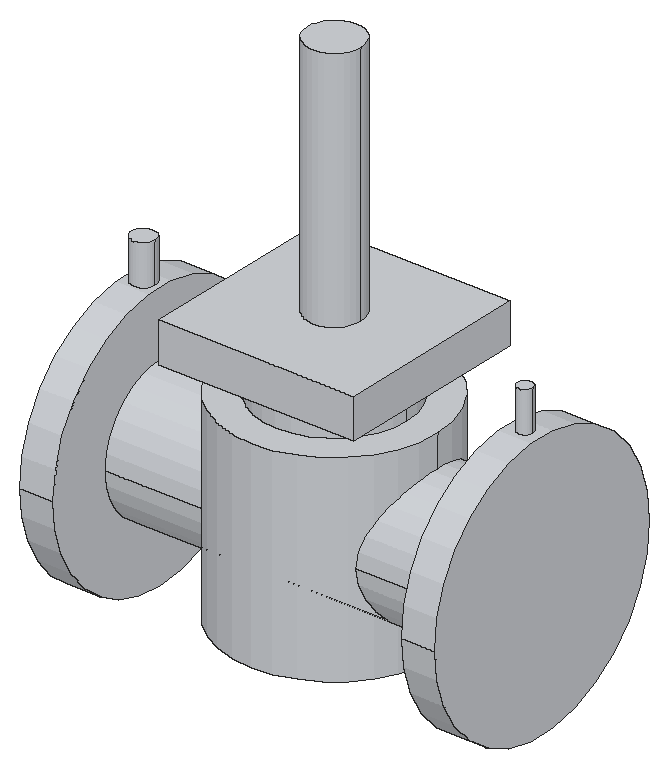
Revit family "OPTIMA_Compact_FLANGE_PN16_DN080-LF_RFA_2018", category Pipe Accessories, Revit 2018
Family settings
  Round Connector Dimension = Use Diameter
  Part Type = Valve - Breaks Into
  Work Plane-Based = No
  Always vertical = Yes
  Cut with Voids When Loaded = No
  Shared = No
Parameters (values of type "Optima Compact Flange PN16 DN080 LF")
  magiProductId = "Frese Optima Flange DN080 LF"
  magiProductFamilyId = "Frese Optima Flange *"
  magiPartTypeId = 304
  isMeasuringValve [instance] = no
  ang2D [instance] = 0.00°
  W2D = 50 mm
  VersionID = "2.0/2018.8.28.1/FRESE_OPTIMA_FLANGE_Q13_002"
  Use Minimum Symbol Size [instance] = yes
  URL = "www.hydronix.cz"
  Type Comments = "Přírubový; PN16; 0~120°C, s měřením"
  R4 = 54.25 mm
  R3 = 52 mm
  R1 = 77.5 mm
  QmdConnectorList = "301;D;302;D"
  Productdata [instance] = ""
  Manufacturer = "Hydronix"
  MC Product Code = "53-1202 (DN80 LF; 20mm; pohon min 1000N; Qmin-dpmin 5300l/h-16.0kPa; Qmax-dpmin 34000l/h-25.0kPa; dpmax 800kPa)"
  MC Piping Given Pressure Drop [instance] = 0.0 Pa
  LF__ve = -LF  # -24.8 mm
  LF2 = 12.4 mm
  LF = 24.8 mm
  L4 = 145.7 mm
  L3 = 260.4 mm
  L2D_Min = 3048 mm
  L2D = 230 mm
  L2 = 155 mm
  H6 = 183 mm
  H4 = 30 mm
  H3 = 25 mm
  H2 = 75 mm
  H1 = 150 mm
  Description = "Tlakově nezávislý 2-cestný regulační vyvažovací ventil (PICV)"
  DF2 = 100 mm
  D = 80 mm
  CAT0 = yes
Types (14, lengths in mm): name | magiProductId | magiProductFamilyId | W2D | Type Comments | R4 | R3 | R1 | MC Product Code | LF__ve | LF2 | LF | L4 | L3 | L2D | L2 | H6 | H4 | H3 | H2 | H1 | DF2 | D
  Optima Compact Flange PN16 DN050 LF | "Frese Optima Flange DN050 LF" | "Frese Optima Flange *" | 50 | "Přírubový; PN16; 0~120°C, s měřením" | 40.3 | 42.9 | 57.5 | "53-1200 (DN50 LF; 20mm; pohon min 1000N; Qmin-dpmin 2500l/h-6.5kPa; Qmax-dpmin 15000l/h-20.0kPa; dpmax 800kPa)" | -18.4 | 9.2 | 18.4 | 108.1 | 193.2 | 230 | 115 | 157.3 | 24.8 | 20.6 | 61.9 | 123.8 | 82.5 | 50
  Optima Compact Flange PN16 DN050 HF | "Frese Optima Flange DN050 HF" | "Frese Optima Flange *" | 50 | "Přírubový; PN16; 0~120°C, s měřením" | 40.25 | 42.9 | 57.5 | "53-1210 (DN50 HF; 20mm; pohon min 1000N; Qmin-dpmin 3900l/h-19.0kPa; Qmax-dpmin 24000l/h-50.0kPa; dpmax 800kPa)" | -18.4 | 9.2 | 18.4 | 108.1 | 193.2 | 230 | 115 | 157.25 | 24.75 | 20.625 | 61.875 | 123.75 | 82.5 | 50
  Optima Compact Flange PN16 DN065 LF | "Frese Optima Flange DN065 LF" | "Frese Optima Flange *" | 50 | "Přírubový; PN16; 0~120°C, s měřením" | 50.75 | 48.1 | 72.5 | "53-1201 (DN65 LF; 20mm; pohon min 1000N; Qmin-dpmin 4400l/h-15.0kPa; Qmax-dpmin 25000l/h-25.0kPa; dpmax 800kPa)" | -23.2 | 11.6 | 23.2 | 136.3 | 243.6 | 230 | 145 | 171.25 | 27.75 | 23.125 | 69.375 | 138.75 | 92.5 | 65
  Optima Compact Flange PN16 DN065 HF | "Frese Optima Flange DN065 HF" | "Frese Optima Flange *" | 50 | "Přírubový; PN16; 0~120°C, s měřením" | 50.75 | 48.1 | 72.5 | "53-1211 (DN65 HF; 20mm; pohon min 1000N; Qmin-dpmin 6000l/h-30.0kPa; Qmax-dpmin 35000l/h-55.0kPa; dpmax 800kPa)" | -23.2 | 11.6 | 23.2 | 136.3 | 243.6 | 230 | 145 | 171.25 | 27.75 | 23.125 | 69.375 | 138.75 | 92.5 | 65
  Optima Compact Flange PN16 DN080 LF | "Frese Optima Flange DN080 LF" | "Frese Optima Flange *" | 50 | "Přírubový; PN16; 0~120°C, s měřením" | 54.25 | 52 | 77.5 | "53-1202 (DN80 LF; 20mm; pohon min 1000N; Qmin-dpmin 5300l/h-16.0kPa; Qmax-dpmin 34000l/h-25.0kPa; dpmax 800kPa)" | -24.8 | 12.4 | 24.8 | 145.7 | 260.4 | 230 | 155 | 183 | 30 | 25 | 75 | 150 | 100 | 80
  Optima Compact Flange PN16 DN080 HF | "Frese Optima Flange DN080 HF" | "Frese Optima Flange *" | 50 | "Přírubový; PN16; 0~120°C, s měřením" | 54.25 | 52 | 77.5 | "53-1212 (DN80 HF; 20mm; pohon min 1000N; Qmin-dpmin 7000l/h-23.0kPa; Qmax-dpmin 43000l/h-50.0kPa; dpmax 800kPa)" | -24.8 | 12.4 | 24.8 | 145.7 | 260.4 | 230 | 155 | 183 | 30 | 25 | 75 | 150 | 100 | 80
  Optima Compact Flange PN16 DN100 LF | "Frese Optima Flange DN100 LF" | "Frese Optima Flange *" | 50 | "Přírubový; PN16; 0~120°C, s měřením" | 61.25 | 61.1 | 87.5 | "53-1203 (DN100 LF; 40mm; pohon min 1000N; Qmin-dpmin 12100l/h-20.0kPa; Qmax-dpmin 68000l/h-35.0kPa; dpmax 800kPa)" | -28 | 14 | 28 | 164.5 | 294 | 230 | 175 | 268.75 | 35.25 | 29.375 | 88.125 | 176.25 | 117.5 | 100
  Optima Compact Flange PN16 DN100 HF | "Frese Optima Flange DN100 HF" | "Frese Optima Flange *" | 50 | "Přírubový; PN16; 0~120°C, s měřením" | 61.25 | 61.1 | 87.5 | "53-1213 (DN100 HF; 40mm; pohon min 1000N; Qmin-dpmin 14800l/h-30.0kPa; Qmax-dpmin 90000l/h-75.0kPa; dpmax 800kPa)" | -28 | 14 | 28 | 164.5 | 294 | 230 | 175 | 268.75 | 35.25 | 29.375 | 88.125 | 176.25 | 117.5 | 100
  Optima Compact Flange PN16 DN125 LF | "Frese Optima Flange DN125 LF" | "Frese Optima Flange *" | 50 | "Přírubový; PN16; 0~120°C, s měřením" | 70 | 70.2 | 100 | "53-1204 (DN125 LF; 40mm; pohon min 1000N; Qmin-dpmin 18500l/h-16.0kPa; Qmax-dpmin 110000l/h-35.0kPa; dpmax 800kPa)" | -32 | 16 | 32 | 188 | 336 | 230 | 200 | 275.5 | 40.5 | 33.75 | 101.25 | 202.5 | 135 | 125
  Optima Compact Flange PN16 DN125 HF | "Frese Optima Flange DN125 HF" | "Frese Optima Flange *" | 50 | "Přírubový; PN16; 0~120°C, s měřením" | 70 | 70.2 | 100 | "53-1214 (DN125 HF; 40mm; pohon min 1000N; Qmin-dpmin 23000l/h-27.0kPa; Qmax-dpmin 135000l/h-53.0kPa; dpmax 800kPa)" | -32 | 16 | 32 | 188 | 336 | 230 | 200 | 275.5 | 40.5 | 33.75 | 101.25 | 202.5 | 135 | 125
  Optima Compact Flange PN16 DN150 LF | "Frese Optima Flange DN150 LF" | "Frese Optima Flange *" | 50 | "Přírubový; PN16; 0~110°C, s měřením" | 84 | 74.1 | 120 | "53-1205 (DN150 LF; 43mm; pohon min 1500N; Qmin-dpmin 25600l/h-21.0kPa; Qmax-dpmin 148000l/h-35.0kPa; dpmax 800kPa)" | -38.4 | 19.2 | 38.4 | 225.6 | 403.2 | 230 | 240 | 279.25 | 42.75 | 35.625 | 106.875 | 213.75 | 142.5 | 150
  Optima Compact Flange PN16 DN150 HF | "Frese Optima Flange DN150 HF" | "Frese Optima Flange *" | 50 | "Přírubový; PN16; 0~110°C, s měřením" | 84 | 74.1 | 120 | "53-1215 (DN150 HF; 43mm; pohon min 1500N; Qmin-dpmin 32000l/h-33.0kPa; Qmax-dpmin 195000l/h-65.0kPa; dpmax 800kPa)" | -38.4 | 19.2 | 38.4 | 225.6 | 403.2 | 230 | 240 | 279.25 | 42.75 | 35.625 | 106.875 | 213.75 | 142.5 | 150
  Optima Compact Flange PN16 DN200 LF | "" | "" | 100 | "Přírubový; PN16; 0~110°C, s měřením" | 164.5 | 98.8 | 235 | "53-1206 (DN200 LF; 43mm; pohon min 1500N; Qmin-dpmin 95000l/h-11.0kPa; Qmax-dpmin 210000l/h-32.0kPa; dpmax 800kPa)" | -48 | 24 | 48 | 282 | 504 | 350 | 300 | 281 | 57 | 15 | 209 | 380 | 190 | 200
  Optima Compact Flange PN16 DN200 HF | "" | "" | 100 | "Přírubový; PN16; 0~110°C, s měřením" | 164.5 | 98.8 | 235 | "53-1216 (DN200 HF; 43mm; pohon min 1500N; Qmin-dpmin 130000l/h-31.0kPa; Qmax-dpmin 280000l/h-78.0kPa; dpmax 800kPa)" | -48 | 24 | 48 | 282 | 504 | 350 | 300 | 281 | 57 | 15 | 209 | 380 | 190 | 200
Reference planes
  plane 1 "Center (Front/Back)": y = 0
  plane 2 "XYPLANE": z = 0
  plane 3 "Center (Left/Right)": x = 0
  plane 4 "157": x = 142.6
  plane 5 "156": x = -142.6
  plane 6 "155": z = 100
  plane 7 "154": z = 130
  plane 8 "153": z = 100
  plane 9 "152": z = 75
  plane 10 "151": x = -130.2
  plane 11 "150": z = -75
  plane 12 "149": x = 0
  plane 13 "148": y = 0
  plane 14 "147": z = 0
  plane 15 "146": x = -155
  plane 16 "145": x = 155
Forms (mm)
  Extrusion 1, solid, visible <- "CAT0"
    sketch origin (-750, 0, 100) x (1, 0, 0) y (0, 1, 0)
      loop
        circle (892.6, 0) r 5.5
    from 0 to 30
  Extrusion 2, solid, visible <- "CAT0"
    sketch origin (-750, 0, 100) x (1, 0, 0) y (0, 1, 0)
      loop
        circle (607.4, 0) r 8.7
    from 0 to 30
  Extrusion 3, solid, visible <- "CAT0"
    sketch origin (-750, 0, 130) x (1, 0, 0) y (0, 1, 0)
      loop
        circle (750, 0) r 20
    from 0 to 183 <- "H6"
  Extrusion 4, solid, visible <- "CAT0"
    sketch origin (-750, 0, 100) x (1, 0, 0) y (0, 1, 0)
      loop
        line (822.85, 72.85) -> (677.15, 72.85) -> (677.15, -72.85) -> (822.85, -72.85) -> (822.85, 72.85)
    from 0 to 30 <- "H4"
  Extrusion 5, solid, visible <- "CAT0"
    sketch origin (-750, 0, 75) x (1, 0, 0) y (0, 1, 0)
      loop
        circle (750, 0) r 54.25
    from 0 to 25 <- "H3"
  Extrusion 6, solid, visible <- "CAT0"
    sketch origin (-130.2, -750, 0) x (0, 1, 0) y (0, 0, 1)
      loop
        circle (750, 0) r 52
    from 0 to 260.4 <- "L3"
  Extrusion 7, solid, visible <- "CAT0"
    sketch origin (-750, 0, -75) x (1, 0, 0) y (0, 1, 0)
      loop
        circle (750, 0) r 77.5
    from 0 to 150 <- "H1"
  Extrusion 8, solid, visible <- "CAT0"
    sketch origin (-155, -750, 0) x (0, 1, 0) y (0, 0, 1)
      loop
        circle (750, 0) r 100
    from 0 to 24.8 <- "LF"
  Extrusion 9, solid, visible <- "CAT0"
    sketch origin (155, -750, 0) x (0, 1, 0) y (0, 0, 1)
      loop
        circle (750, 0) r 100
    from 0 to -24.8 <- "LF__ve"
  Extrusion 10, solid, not visible
    sketch origin (-155, -750, 0) x (0, 1, 0) y (0, 0, 1)
      loop
        circle (750, 0) r 10
    from 0 to 10
  Extrusion 11, solid, not visible
    sketch origin (155, -750, 0) x (0, 1, 0) y (0, 0, 1)
      loop
        circle (750, 0) r 10
    from 0 to -10
Lines and regions (mm)
  reference lines, not visible
    curve 1: circle (2, 2, 0) r 1 normal (0, 0, 1)
  reference lines
    curve 2: circle (0, 0, 100) r 1 normal (0, 0, 1)
Dimensions and locks
  plane 1 "Center (Front/Back)" to curve 1 = 2 mm
  "LF2": plane 16 "145" to plane 4 "157"
  "LF2": plane 15 "146" to plane 5 "156"
  "DF2": plane 2 "XYPLANE" to plane 6 "155"
  "H4": plane 8 "153" to plane 7 "154"
  "H3": plane 9 "152" to plane 8 "153"
  "H1": plane 11 "150" to plane 9 "152"
  "LF": plane 15 "146" to plane 10 "151"
  "H2": plane 2 "XYPLANE" to plane 11 "150"
  locked: plane 3 "Center (Left/Right)" to plane 12 "149"
  locked: plane 1 "Center (Front/Back)" to plane 13 "148"
  locked: plane 2 "XYPLANE" to plane 14 "147"
  "L2": plane 3 "Center (Left/Right)" to plane 15 "146"
  "L2": plane 3 "Center (Left/Right)" to plane 16 "145"
  equal spacing: Extrusion 4 sketch curve, curve 2, Extrusion 4 sketch curve  (x2)
  "L4": Extrusion 4 sketch curve to Extrusion 4 sketch curve  (x2)
  Extrusion 4 sketch curve to Extrusion 4 sketch curve = 0 mm  (x8)
  "R4": radius of Extrusion 5 sketch curve
  "R3": radius of Extrusion 6 sketch curve
  "R1": radius of Extrusion 7 sketch curve
  "DF2": radius of Extrusion 8 sketch curve
  "DF2": radius of Extrusion 9 sketch curve
  aligned and locked: level to plane 2 "XYPLANE"
  aligned and locked: plane 4 "157" to Extrusion 1 sketch curve
  aligned and locked: plane 13 "148" to Extrusion 1 sketch curve
  aligned and locked: plane 5 "156" to Extrusion 2 sketch curve
  aligned and locked: plane 13 "148" to Extrusion 2 sketch curve
  aligned and locked: plane 12 "149" to Extrusion 3 sketch curve
  aligned and locked: plane 13 "148" to Extrusion 3 sketch curve
  aligned and locked: plane 12 "149" to curve 2
  aligned and locked: plane 13 "148" to curve 2
  aligned and locked: plane 12 "149" to Extrusion 5 sketch curve
  aligned and locked: plane 13 "148" to Extrusion 5 sketch curve
  aligned and locked: Extrusion 6 sketch curve to plane 13 "148"
  aligned and locked: plane 14 "147" to Extrusion 6 sketch curve
  aligned and locked: plane 12 "149" to Extrusion 7 sketch curve
  aligned and locked: plane 13 "148" to Extrusion 7 sketch curve
  aligned and locked: Extrusion 8 sketch curve to plane 13 "148"
  aligned and locked: plane 14 "147" to Extrusion 8 sketch curve
  aligned and locked: Extrusion 9 sketch curve to plane 13 "148"
  aligned and locked: plane 14 "147" to Extrusion 9 sketch curve
  aligned and locked: Extrusion 10 sketch curve to plane 13 "148"
  aligned and locked: plane 14 "147" to Extrusion 10 sketch curve
  aligned and locked: Extrusion 11 sketch curve to plane 13 "148"
  aligned and locked: plane 14 "147" to Extrusion 11 sketch curve
Automatic sketch dimensions
  Extrusion 1 sketch curve to plane 4 "157" = 5.5 mm
  plane 15 "146" to Extrusion 2 sketch curve = 3.7 mm
  Extrusion 3 sketch curve to plane 3 "Center (Left/Right)" = 20 mm
  plane 1 "Center (Front/Back)" to Extrusion 10 sketch curve = 10 mm
  plane 1 "Center (Front/Back)" to Extrusion 11 sketch curve = 10 mm
  plane 3 "Center (Left/Right)" to curve 1 = 2 mm
  plane 10 "151" to Extrusion 4 sketch curve = 57.35 mm
  plane 1 "Center (Front/Back)" to Extrusion 4 sketch curve = 72.85 mm
  radius of curve 2 = 1 mm
  radius of curve 1 = 1 mm
Connectors
  piping at (-155, 0, 0), diameter 80, driven by "D"
    settings: on Extrusion 10, index 1, connector inside diameter 609.6 mm, connector length 0 mm, flow factor 0, pipe flow 0.0 L/s, pressure drop 0.0 Pa, fitting loss kfactor 0, connector angle 0.00°, fixture units 0, engagement length 0 mm, angle of deflection 0.00°, flow configuration 0, flow direction 0, fitting loss method 0, system type 29, joint type 0, gender type 0, connector reference index 2, connector utility 0, adjustable connector no, is connector primary yes, connector description ""
  piping at (155, 0, 0), diameter 80, driven by "D"
    settings: on Extrusion 11, index 2, connector inside diameter 609.6 mm, connector length 0 mm, flow factor 0, pipe flow 0.0 L/s, pressure drop 0.0 Pa, fitting loss kfactor 0, connector angle 0.00°, fixture units 0, engagement length 0 mm, angle of deflection 0.00°, flow configuration 0, flow direction 0, fitting loss method 0, system type 29, joint type 0, gender type 0, connector reference index 1, connector utility 0, adjustable connector no, is connector primary no, connector description ""
